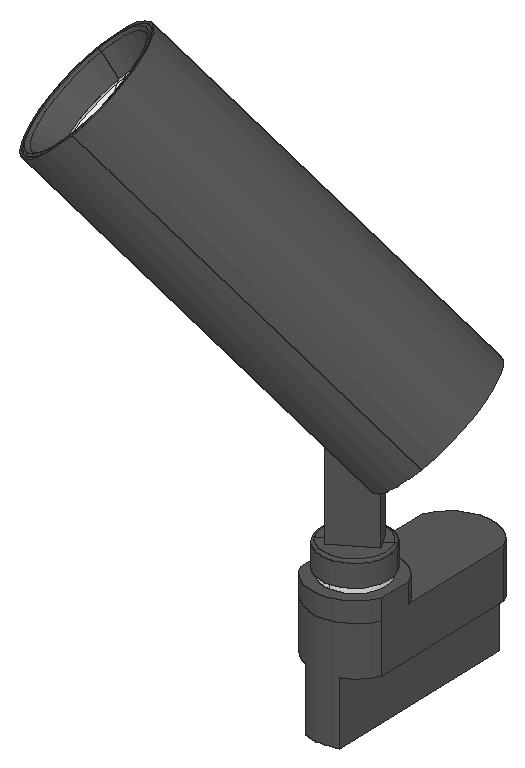
Revit family "0005441", category Lighting Fixtures, host Face, Revit 2017 (continued)
Definition of nested family "START Track Spot Integral Head"
  Reference planes
    plane 11: z = -118.2
    plane 12: z = -11.2
    plane 13: x = 28
    plane 14: x = 24.5
    plane 15: z = -131.2
    plane 16: z = -116.2
    plane 17: z = -1
    plane 18: x = 4.75
    plane 19: x = -4.75
    plane 20: y = -30
    plane 21: y = -11
    plane 22: x = 27
    plane 23: y = -20.5
  Forms (mm)
    Extrusion 1, solid
      sketch origin (4.2, 0, 0) x (1, 0, 0) y (0, 1, 0)
        loop
          line (-1219.2, 1219.2) -> (-1219.2, -1219.2) -> (1219.2, -1219.2) -> (1219.2, 1219.2) -> (-1219.2, 1219.2)
      from 0 to -68.017
    Revolve 2, solid, material <- "Material_1_SYL"
      sketch origin (0, 0, 0) x (1, 0, 0) y (0, 0, 1)
        loop
          line (30, -143.2) -> (30, 16.8) -> (29, 16.8) -> (29, -143.2) -> (30, -143.2)
        axis (0, 16.8) -> (0, -143.2)
      angle from 360 to 0
    Revolve 3, solid, material <- "Material_1_SYL"
      sketch origin (0, 0, 0) x (1, 0, 0) y (0, 0, 1)
        loop
          line (29, 16.8) -> (28, 16.8)
          arc (28, 16.8) -> (24.5, 15.673) -> (21, 16.8) r 6
          line (21, 16.8) -> (0, 16.8) -> (0, -11.2) -> (29, -11.2) -> (29, 16.8)
        axis (0, 16.8) -> (0, -11.2)
      angle from 360 to 0
    Revolve 4, solid, material <- "Material_2_SYL"
      sketch origin (0, 0, 0) x (1, 0, 0) y (0, 0, 1)
        loop
          line (29, -131.2) -> (0, -131.2) -> (0, -133.2) -> (29, -133.2) -> (29, -131.2)
        axis (0, -131.2) -> (0, -133.2)
      angle from 360 to 0
    Revolve 5, solid
      sketch origin (0, 0, 0) x (1, 0, 0) y (0, 0, 1)
        loop
          line (0, -118.2) -> (8, -118.2)
          arc (8, -118.2) -> (18.503, -121.84) -> (24.5, -131.2) r 16.971
          line (24.5, -131.2) -> (29, -131.2) -> (29, -116.2) -> (0, -116.2) -> (0, -118.2)
        axis (0, -116.2) -> (0, -131.2)
      angle from 360 to 0
    Extrusion 6, void
      sketch origin (1524, -30, 1219.2) x (-1, 0, 0) y (0, 0, 1)
        loop
          line (1528.75, -1230.4) -> (1528.75, -1202.4) -> (1519.25, -1202.4) -> (1519.25, -1230.4) -> (1528.75, -1230.4)
      from 0 to 19
    Revolve 7, solid, material <- "Material_1_SYL"
      sketch origin (0, 0, 0) x (1, 0, 0) y (0, 0, 1)
        loop
          line (21, -133.2) -> (26.506, -142.377)
          arc (26.506, -142.377) -> (27.014, -142.976) -> (27.767, -143.2) r 1.377
          line (27.767, -143.2) -> (29, -143.2) -> (29, -133.2) -> (21, -133.2)
        axis (0, -133.2) -> (0, -143.2)
      angle from 360 to 0
  Cuts and joins
    Extrusion 6 cuts Revolve 3
    Extrusion 6 cuts Revolve 2
  Lines and regions (mm)
    reference lines
      curve 1: arc (21, 0, 16.8) -> (24.5, 0, 15.673) -> (28, 0, 16.8) r 6
      curve 2: line (21, 0, -133.2) -> (27, 0, -143.2)
  Dimensions and locks
    "RadiusHead_SYL": plane 4 to plane 3 "Center (Left/Right)"
    "DistRotateAxisY_SYL": plane 5 to plane 2
    "Height_SYL": plane 5 to plane 6
    locked: plane 4 to plane 7 at 1
    "RadiusLensOut_SYL": plane 8 to plane 3 "Center (Left/Right)"
    "RadiusEmission_SYL": plane 9 to plane 3 "Center (Left/Right)"
    "DepthLens_SYL": plane 10 to plane 6
    "DepthEmission_SYL": plane 11 to plane 6
    locked: plane 5 to plane 12 at 28
    locked: plane 4 to plane 13 at 2
    equal spacing: plane 13, plane 14, plane 8
    locked: plane 5 to curve 1 at 1.127
    locked: plane 15 to plane 10 at 2
    locked: plane 16 to plane 11 at 2
    locked: plane 2 to plane 17 at 1
    equal spacing: plane 18, plane 3 "Center (Left/Right)", plane 19
    "WidthCutOut_SYL": plane 18 to plane 19
    "RadiusHead_SYL": plane 20 to plane 1 "Center (Front/Back)"
    "DepthCutOut_SYL": plane 20 to plane 21
    locked: plane 4 to plane 22 at 3
    equal spacing: plane 20, plane 23, plane 21
    aligned and locked: plane 2 to Extrusion 1
    aligned and locked: level to Extrusion 1
    aligned and locked: plane 8 to curve 1
    aligned and locked: plane 13 to curve 1
    aligned and locked: plane 14 to curve 1
    aligned and locked: plane 5 to curve 1
    aligned and locked: Revolve 2 sketch curve to plane 3 "Center (Left/Right)"
    aligned and locked: Revolve 2 sketch curve to plane 6
    aligned and locked: Revolve 2 sketch curve to plane 4
    aligned and locked: plane 5 to Revolve 2 sketch curve
    aligned and locked: plane 7 to Revolve 2 sketch curve
    aligned and locked: Revolve 3 sketch curve to plane 3 "Center (Left/Right)"
    aligned and locked: Revolve 3 sketch curve to Revolve 2  (x3)
    aligned and locked: Revolve 3 sketch curve to plane 12
    aligned and locked: plane 3 "Center (Left/Right)" to Revolve 3 sketch curve
    aligned and locked: Revolve 3 sketch curve to curve 1
    aligned and locked: plane 5 to Revolve 3 sketch curve
    aligned and locked: Revolve 4 sketch curve to plane 3 "Center (Left/Right)"  (x2)
    aligned and locked: Revolve 4 sketch curve to plane 15
    aligned and locked: plane 7 to Revolve 4 sketch curve
    aligned and locked: Revolve 5 sketch curve to plane 3 "Center (Left/Right)"  (x2)
    aligned and locked: plane 3 "Center (Left/Right)" to Revolve 5 sketch curve
    aligned and locked: plane 9 to Revolve 5 sketch curve
    aligned and locked: plane 11 to Revolve 5 sketch curve
    aligned and locked: plane 14 to Revolve 5 sketch curve
    aligned and locked: plane 15 to Revolve 5 sketch curve
    aligned and locked: plane 12 to Extrusion 6 sketch curve
    aligned and locked: Extrusion 6 sketch curve to plane 19
    aligned and locked: Extrusion 6 sketch curve to plane 5
    aligned and locked: plane 18 to Extrusion 6 sketch curve
    aligned and locked: Extrusion 6 to plane 21
    aligned and locked: plane 20 to Extrusion 6
    aligned and locked: plane 10 to curve 2
    aligned and locked: plane 22 to curve 2
    aligned and locked: Revolve 7 sketch curve to plane 3 "Center (Left/Right)"
    aligned and locked: plane 10 to Revolve 7 sketch curve
    aligned and locked: Revolve 7 sketch curve to Revolve 4
    aligned and locked: Revolve 7 sketch curve to curve 2
    aligned and locked: plane 3 "Center (Left/Right)" to imposter light
    aligned and locked: imposter light to plane 1 "Center (Front/Back)"
    aligned and locked: imposter light to plane 10
  Automatic sketch dimensions
    Extrusion 1 sketch curve to Extrusion 1 sketch curve = 2438.4 mm  (x2)
    plane 6 to Revolve 2 sketch curve = 487.1 mm
    Revolve 2 sketch curve to plane 5 = 2571.558 mm
    plane 6 to Revolve 3 sketch curve = 487.1 mm
    Revolve 3 sketch curve to Revolve 3 sketch curve = 2566.685 mm
    plane 6 to Revolve 4 sketch curve = 487.1 mm
    Revolve 4 sketch curve to plane 5 = 2571.558 mm
    Revolve 5 sketch curve to plane 11 = 2 mm
    plane 6 to Revolve 5 sketch curve = 487.1 mm
    Revolve 5 sketch curve to plane 5 = 2571.558 mm
    Revolve 5 sketch curve to plane 7 = 0 mm
    Revolve 4 sketch curve to plane 10 = 0 mm
    curve 2 to plane 8 = 0 mm
    curve 1 to plane 14 = 0 mm
    curve 2 to plane 6 = 0 mm
    curve 1 to plane 13 = 0 mm
    Revolve 7 sketch curve to plane 6 = 0 mm
    Revolve 7 sketch curve to plane 22 = 0.494 mm
    Revolve 7 sketch curve to plane 13 = 0.233 mm
    plane 6 to Revolve 7 sketch curve = 474.6 mm
    Revolve 7 sketch curve to plane 5 = 2584.058 mm
Types (3, lengths in mm): name | TypeHead_SYL
  0005441 PIXO SMALL 1490LM 930 NB MB WB BLK - 24 degree | START Track Spot Integral Head : 0005441 24
  0005441 PIXO SMALL 1490LM 930 NB MB WB BLK - 36 degree | START Track Spot Integral Head : 0005441 36
  0005441 PIXO SMALL 1490LM 930 NB MB WB BLK - 54 degree | START Track Spot Integral Head : 0005441 54
